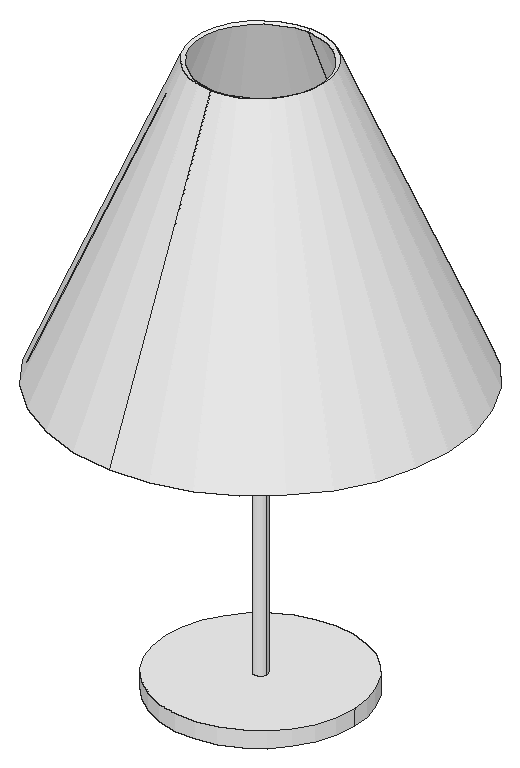
Revit family "Table-Floor Lamp", category Lighting Fixtures, Revit 2015
Parameters
  Wattage = 9.2903 W
  built-in parameter 1150110 = 1 (stored number, unit not read)
  URL = "www.DPlusP.com"
  built-in parameter 1114217 = 1 (stored number, unit not read)
  built-in parameter 1150109 = 1 (stored number, unit not read)
  built-in parameter 1150134 = 3
  built-in parameter 1150113 = 1 (stored number, unit not read)
  ShadeThickness = 6 mm
  ShadeRadiusUpper = 100 mm
  ShadeRadiusLower = 300 mm
  ShadeMaterial = none
  ShadeHeight = 455 mm
  PostRadius = 10 mm
  PostMaterial = none
  Manufacturer = "Jeffrey P. Fazzone"
  built-in parameter 1150105 = 109.82 (stored number, unit not read)
  Lumens = 1380 lm
  built-in parameter 1150115 = 1 (stored number, unit not read)
  Light Source Symbol Size = 200 mm
  built-in parameter 1150137 = (empty or 0)
  built-in parameter 1150139 = (empty or 0)
  LampHeight = 900 mm
  built-in parameter 1150112 = 1 (stored number, unit not read)
  built-in parameter 1150114 = 1 (stored number, unit not read)
  built-in parameter 1150132 = (empty or 0)
  built-in parameter 1150102 = (empty or 0)
  built-in parameter 1150107 = 3200 (stored number, unit not read)
  built-in parameter 1150138 = (empty or 0)
  built-in parameter 1150106 = 1.0982 (stored number, unit not read)
  HgtToTop = 2 / 3 * ShadeHeight  # 303.333 mm
  built-in parameter 1150104 = 13.8 (stored number, unit not read)
  Dimming Lamp Color Temperature Shift = <None>
  Color Filter = 16777215
  BaseThickness = 25 mm
  BaseRadius = 150 mm
  BaseMaterial = none
  built-in parameter 1114218 = 1 (stored number, unit not read)
  built-in parameter 1150133 = 10 (stored number, unit not read)
Reference planes
  plane 1 "Center (Front/Back)": y = 0
  plane 2: z = 0
  plane 3 "Center (Left/Right)": x = 0
  plane 4: x = -150
  plane 5: x = 150
  plane 6: z = 25
  plane 7: x = -10
  plane 8: x = 10
  plane 9: z = 596.667
  plane 10: z = 900
  plane 11: z = 445
  plane 12: y = -100
  plane 13: y = -300
  plane 14: z = 656.667
Forms (mm)
  Extrusion 1, solid, material <- "BaseMaterial"
    sketch origin (0, 0, 0) x (1, 0, 0) y (0, 1, 0)
      loop
        circle (0, 0) r 150
    from 0 to 25
  Extrusion 2, solid, material <- "PostMaterial"
    sketch origin (0, 0, 0) x (1, 0, 0) y (0, 1, 0)
      loop
        circle (0, 0) r 10
    from 25 to 596.667
  Revolve 3, solid, material <- "ShadeMaterial"
    sketch origin (0, 0, 0) x (0, 1, 0) y (0, 0, 1)
      loop
        line (-94.507, 897.586) -> (-100, 900) -> (-300, 445) -> (-294.507, 442.586) -> (-94.507, 897.586)
      axis (0, 900) -> (0, 442.586)
    angle from 0 to 360
Lines and regions (mm)
  reference lines
    curve 1: line (0, -300, 445) -> (0, -100, 900)
    curve 2: line (0, -294.507, 442.586) -> (0, -94.507, 897.586)
    curve 3: line (0, -100, 900) -> (0, -94.507, 897.586)
    curve 4: line (0, -300, 445) -> (0, -294.507, 442.586)
Dimensions and locks
  "BaseRadius": plane 4 to plane 3 "Center (Left/Right)"
  "BaseRadius": plane 3 "Center (Left/Right)" to plane 5
  "BaseThickness": plane 6 to level
  "PostRadius": plane 7 to plane 3 "Center (Left/Right)"
  "PostRadius": plane 3 "Center (Left/Right)" to plane 8
  "LampHeight": plane 10 to level
  "ShadeHeight": plane 10 to plane 11
  "ShadeRadiusUpper": plane 12 to plane 1 "Center (Front/Back)"
  "ShadeRadiusLower": plane 13 to plane 1 "Center (Front/Back)"
  "ShadeThickness": curve 2 to curve 1
  "HgtToTop": plane 10 to plane 9
  locked: plane 14 to plane 9 at 60
  aligned and locked: plane 5 to Extrusion 1 sketch curve
  aligned and locked: plane 4 to Extrusion 1 sketch curve
  aligned and locked: plane 6 to Extrusion 1
  aligned and locked: plane 8 to Extrusion 2 sketch curve
  aligned and locked: plane 7 to Extrusion 2 sketch curve
  aligned and locked: Extrusion 2 to plane 6
  aligned and locked: plane 9 to Extrusion 2
  aligned and locked: Revolve 3 sketch curve to curve 1
  aligned and locked: Revolve 3 sketch curve to curve 2
  aligned and locked: Revolve 3 sketch curve to curve 3
  aligned and locked: Revolve 3 sketch curve to curve 4
  aligned and locked: plane 10 to Revolve 3 sketch curve
  aligned and locked: plane 1 "Center (Front/Back)" to Revolve 3 sketch curve
  aligned and locked: plane 14 to imposter light
Automatic sketch dimensions
  Extrusion 1 sketch curve to plane 1 "Center (Front/Back)" = 0 mm
  Extrusion 2 sketch curve to plane 1 "Center (Front/Back)" = 0 mm
  curve 4 to plane 11 = 0 mm
  curve 4 to plane 13 = 0 mm
  curve 3 to plane 10 = 0 mm
  curve 3 to plane 12 = 0 mm
  Revolve 3 sketch curve to plane 11 = 0 mm
